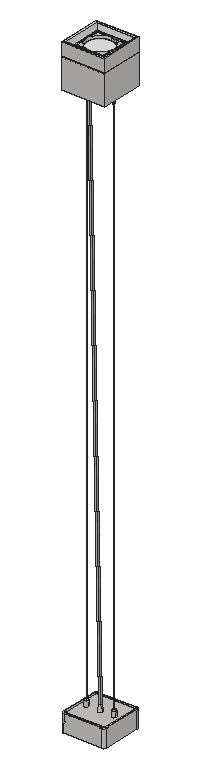
Revit family "CLighting-Luminii-Leto_44_Plus_P_SML", category Lighting Fixtures, host Face, Revit 2020
Family settings
  Host = Face
  Round Connector Dimension = Use Diameter
  Part Type = Normal
  OmniClass Number = 23.80.70.11.14.21
  OmniClass Title = Spots and Tracklight Specialties
  Cut with Voids When Loaded = No
  Light Source = Yes
  Shared = Yes
  Room Calculation Point = No
Parameters (values of type "Leto 44 Plus P SML")
  Width = 0' - 5 73/128"  # constant formula
  Wattage Comments = "6.5W"
  Wattage = 6.49954 W
  Warranty URL = "https://www.luminii.com/terms-conditions/"
  built-in parameter 1150110 = 1 (stored number, unit not read)
  Voltage Comments = "120V | 277V | 347V"  # constant formula
  Voltage = 120 V
  Version = "2020 - v1.0a"  # constant formula
  URL = "https://www.luminii.com/"
  built-in parameter 1114217 = 1 (stored number, unit not read)
  Tilt Angle = -90.00°  # constant formula
  built-in parameter 1150109 = 1 (stored number, unit not read)
  built-in parameter 1150134 = (empty or 0)
  built-in parameter 1150113 = 1 (stored number, unit not read)
  Support Phone = "224-699-9545"  # constant formula
  Support Email = "mailto:support@bimsmith.com"
  Product Page URL = "https://www.luminii.com/product/leto-44-plus-p-sml/"
  Power Source Type = "Driver"  # constant formula
  Power Factor = 1
  Photometric Web File = "709-WD-660-30-30-00.ies"
  Phase = 1
  Operating Temperature = "Consult Manufacturer Website for more Information"  # constant formula
  Number of Poles = if(and(or(Voltage = 120 V, Voltage = 277 V), Phase = 1), 1, if(and(or(Voltage = 208 V, Voltage = 240 V), Phase = 1), 2, if(and(or(Voltage = 208 V, Voltage = 240 V), Phase = 3), 3, if(and(Voltage > 300 V, Phase = 1), 2, if(and(Voltage > 400 V, Phase = 3), 3, 1)))))  # 1
  Mounting Method = "Ceiling Mount"  # constant formula
  Model = "709"  # constant formula
  Manufacturer Phone Number = "403-216-7043"  # constant formula
  Manufacturer Email = "mailto: info@sensolighting.com"
  Manufacturer Address = "302 50 Ave SE. Calgary, Alberta, T2G 2A9 Canada"  # constant formula
  Manufacturer = "Luminii"  # constant formula
  built-in parameter 1150105 = 55.704 (stored number, unit not read)
  Lumens = 700 lm
  Luminaire Type = "Pendant LED Downlight"  # constant formula
  built-in parameter 1150115 = 1 (stored number, unit not read)
  Load Classification = Lighting
  built-in parameter 1150137 = (empty or 0)
  built-in parameter 1150139 = (empty or 0)
  Lens Material = Plastic - Luminii - Frosted Lens
  Length [instance] = 0' - 5 73/128"  # constant formula
  built-in parameter 1150112 = 1 (stored number, unit not read)
  built-in parameter 1150114 = 1 (stored number, unit not read)
  Lamp Life = 1
  Lamp = "LED"  # constant formula
  Keynote = "26 50 00"
  built-in parameter 1150132 = 2
  built-in parameter 1150102 = (empty or 0)
  built-in parameter 1150107 = 3500 (stored number, unit not read)
  Initial Color Comments = "Perfomance based on 3500K Photometric Web File"  # constant formula
  built-in parameter 1150138 = (empty or 0)
  built-in parameter 1150106 = 0.55704 (stored number, unit not read)
  Housing Protection Rating = "Consult Manufacturer Website for more Information"  # constant formula
  Has Dimming = 1 = 1  # yes
  Has Battery Backup = 0 = 1  # no
  Frequency Comments = ""  # constant formula
  Frequency = 60 Hz
  Finish = Metal - Luminii - Silver Anodized Aluminum
  Environment = "Indoor"  # constant formula
  built-in parameter 1150104 = 10.006 (stored number, unit not read)
  Dimming Type = "Consult Manufacturer Website for more Information"  # constant formula
  Dimming Lamp Color Temperature Shift = <None>
  Description = "High power cube pendant"  # constant formula
  Depth = 0' - 5 73/128"  # constant formula
  Default Elevation = 0' - 0"  # constant formula
  Current Amps = 50 A
  Copyright = "©2023 Luminii"  # constant formula
  Control Zone = "Consult Manufacturer Website for more Information"  # constant formula
  Control Type = "Consult Manufacturer Website for more Information"  # constant formula
  Constraints = 1  # constant formula
  Color Filter = 16777215
  built-in parameter 1114216 [instance] = 0  # (empty or 0)
  Canopy Finish = Metal - Luminii - Silver Anodized Aluminum
  built-in parameter 1140040 [instance] = 1 = 1  # 1
  CCT = "3500K"
  C Canopy Offset [instance] = 0' - 2 9/32"  # constant formula
  Desired Cable Length [instance] = 6' - 0"  # constant formula
  built-in parameter 1114218 = 1 (stored number, unit not read)
  built-in parameter 1150133 = 10 (stored number, unit not read)
  Assembly Code = "D5020230"
  Apparent Load = Wattage / Power Factor  # 6.49954 VA
  Actual Cable Length [instance] = if(Desired Cable Length < 1' 0", 1' 0", if(Desired Cable Length > 8' 0", 8' 0", Desired Cable Length))  # 6' - 0"
Reference planes (in)
  plane 1 "Center (Front/Back)": y = 0
  plane 2: z = 0
  plane 3 "Center (Left/Right)": x = 0
  plane 4: x = 0
  plane 5: x = 0
  plane 6: y = 3.70117
  plane 7: y = -1.86914
  plane 8 "B": z = 2.28125
  plane 9 "A": z = 74.28125
  plane 10: z = 79.85156
Forms (in)
  Extrusion 1, solid, material "Metal - Luminii - Silver Anodized Aluminum", not visible
    sketch origin (0, 0, 0) x (1, 0, 0) y (0, 1, 0)
      loop
        circle (0, 0) r 0.5
    from 0 to -0.17225
  Blend 2, solid, material "Metal - Luminii - Silver Anodized Aluminum"
    base sketch origin (0, 0, 2.99287) x (-1, 0, 0) y (0, -1, 0)
      loop
        circle (0, 0) r 0.115
    top sketch origin (0, 0, 2.99287) x (-1, 0, 0) y (0, -1, 0)
      loop
        circle (0, 1.77184) r 0.115
    from 0 to 70.91436
Dimensions and locks (in)
  equal spacing: plane 4, plane 3 "Center (Left/Right)", plane 5
  plane 6 to plane 1 "Center (Front/Back)" to plane 7 = 0' - 3.70117", 0' - 1.86914"
  plane 4 to plane 5 = 0' - 0"
  "Width": plane 6 to plane 7
  "C Canopy Offset": plane 8 "B" to host face
  "Actual Cable Length": plane 9 "A" to plane 8 "B"
  "Length": plane 10 to plane 9 "A"
  locked: plane 10 to imposter light at 0.89373
  aligned and locked: plane 2 to host face
  aligned and locked: plane 3 "Center (Left/Right)" to Extrusion 1 sketch curve
  aligned and locked: plane 1 "Center (Front/Back)" to Extrusion 1 sketch curve
  aligned and locked: plane 2 to Extrusion 1  (x2)
  aligned and locked: imposter light to plane 3 "Center (Left/Right)"
  aligned and locked: imposter light to plane 1 "Center (Front/Back)"
  aligned and locked: plane 3 "Center (Left/Right)" to nested 1
  aligned and locked: plane 1 "Center (Front/Back)" to nested 1
  aligned and locked: plane 3 "Center (Left/Right)" to nested 2
  aligned and locked: nested 2 to plane 1 "Center (Front/Back)"
  aligned and locked: Blend 2 to nested 1
Automatic sketch dimensions
  host sketch curve to host sketch curve = 8' - 0"  (x2)
  Blend 2 sketch curve to nested 2 = 0' - 1.77184"
  radius of Extrusion 1 sketch curve = 0' - 0 1/2"
  radius of Blend 2 sketch curve = 0' - 0.115"
Nested families (in)
  nested 1: "Nested - Lamp" at (0, 0, 74.28125), type "Nested - Lamp"
  nested 2: "Nested - Canopy" at (0, 0, 0) x (0, 1, 0) z (0, 0, 1), type "Default"
Connectors (in)
  electrical at (0, 0, 0), driven by "Number of Poles", driven by "Load Classification", driven by "Voltage", driven by "Apparent Load", driven by "Power Factor"
    settings: on Extrusion 1, index 1, voltage 120 V, apparent load 6.49954 VA, apparent load phase1 0 VA, apparent load phase2 0 VA, apparent load phase3 0 VA, power factor 1, load classification "Lighting", number of poles 1, system type 30, power factor state 1, is connector primary yes, connector utility no, sub classification motor no, connector description "Power Connection"
Definition of nested family "Nested - Lamp"
  Parameters (values of type "Nested - Lamp")
    Width = 0' - 5.57087"  # constant formula
    Screen Material = none
    Inner Screen = none
    Height = 0' - 6.49606"  # constant formula
    Finish = none
    Default Elevation = 4' - 0"
    Constraint = 3
  Reference planes (in)
    plane 1 "Center (Front/Back)": y = 0
    plane 2: z = 0
    plane 3 "Center (Left/Right)": x = 0
    plane 4: y = 2.78543
    plane 5: y = -2.78543
    plane 6: x = -2.78543
    plane 7: x = 2.78543
  Forms (in)
    Extrusion 1, solid
      sketch origin (0, 0, 0) x (1, 0, 0) y (0, 1, 0)
        loop
          line (-48, 48) -> (-48, -48) -> (48, -48) -> (48, 48) -> (-48, 48)
      from 0 to -12
    Sweep 2, solid, material <- "Finish", detail levels medium+fine
      path origin (-0.03362, 1.25, 6.49606) x (0, 1, 0) y (-1, 0, 0)
        loop
          line (1.53543, -2.81906) -> (1.53543, 2.75181) -> (-4.03543, 2.75181) -> (-4.03543, -2.81906) -> (1.53543, -2.81906)
      profile origin (2.78543, 0, 6.49606) x (1, 0, 0) y (0, 0, 1)
        loop
          line (0, -6.49606) -> (0, -2.69685) -> (-0.04724, -2.69685) -> (-0.04724, -2.57874) -> (0, -2.57874) -> (0, -0.9252) -> (-0.10635, -0.9252) -> (-0.30013, -0.99573) -> (-0.62144, -1.55512) -> (-0.71063, -1.55512) -> (-0.7348, -1.83138)
          arc (-0.7348, -1.83138) -> (-0.77582, -1.8724) -> (-0.81683, -1.83138) r 0.04102
          line (-0.81683, -1.83138) -> (-0.87226, -1.43701) -> (-0.99999, -1.43701) -> (-0.99999, -2.05919) -> (-0.21654, -2.05919) -> (-0.21654, -6.29921) -> (-0.07874, -6.29921) -> (-0.07874, -6.49606) -> (0, -6.49606)
    Extrusion 3, solid, material <- "Screen Material"
      sketch origin (0, 0, 4.51901) x (1, 0, 0) y (0, 1, 0)
        loop
          circle (0, 0) r 1.68742
      from 0.14567 to 0.15757
    Extrusion 4, solid, material <- "Finish"
      sketch origin (1.59205, 1.59205, 3.63189) x (0, -1, 0) y (1, 0, 0)
        loop
          circle (1.59205, -1.59205) r 1.73767
        loop
          line (-0.19339, -3.37749) -> (3.37749, -3.37749) -> (3.37749, 0.19339) -> (-0.19339, 0.19339) -> (-0.19339, -3.37749)
      from 1.03279 to 1.42717
    Extrusion 5, solid, material <- "Finish"
      sketch origin (1.59205, 1.59205, 5.14697) x (0, -1, 0) y (1, 0, 0)
        loop
          circle (1.59205, -1.59205) r 1.73767
      from -0.48228 to -0.62795
    Extrusion 6, solid, material <- "Finish"
      sketch origin (-0.03362, 1.25, 8.28705) x (0, 1, 0) y (-1, 0, 0)
        loop
          line (-3.97638, -2.76) -> (1.47638, -2.76) -> (1.47638, 2.69275) -> (-3.97638, 2.69275) -> (-3.97638, -2.76)
        loop
          line (-3.02788, -0.34859) -> (-1.87992, -0.34859)
          arc (-1.87992, -0.34859) -> (-1.65721, -0.44084) -> (-1.56496, -0.66355) r 0.31496
          line (-1.56496, -0.66355) -> (-1.56496, -1.80493)
          arc (-1.56496, -1.80493) -> (-1.25, -2.11989) -> (-0.93504, -1.80493) r 0.31496
          line (-0.93504, -1.80493) -> (-0.93504, -0.66355)
          arc (-0.93504, -0.66355) -> (-0.84279, -0.44084) -> (-0.62008, -0.34859) r 0.31496
          line (-0.62008, -0.34859) -> (0.5213, -0.34859)
          arc (0.5213, -0.34859) -> (0.83626, -0.03362) -> (0.5213, 0.28134) r 0.31496
          line (0.5213, 0.28134) -> (-0.62008, 0.28134)
          arc (-0.62008, 0.28134) -> (-0.84279, 0.37359) -> (-0.93504, 0.5963) r 0.31496
          line (-0.93504, 0.5963) -> (-0.93504, 1.74425)
          arc (-0.93504, 1.74425) -> (-1.25, 2.05921) -> (-1.56496, 1.74425) r 0.31496
          line (-1.56496, 1.74425) -> (-1.56496, 0.5963)
          arc (-1.56496, 0.5963) -> (-1.65721, 0.37359) -> (-1.87992, 0.28134) r 0.31496
          line (-1.87992, 0.28134) -> (-3.02788, 0.28134)
          arc (-3.02788, 0.28134) -> (-3.34284, -0.03362) -> (-3.02788, -0.34859) r 0.31496
      from -8.1649 to -8.0902
    Extrusion 7, solid, material <- "Finish"
      sketch origin (-0.03362, 1.25, 8.28705) x (0, 1, 0) y (-1, 0, 0)
        loop
          line (-3.97638, -2.76) -> (1.47638, -2.76) -> (1.47638, 2.69275) -> (-3.97638, 2.69275) -> (-3.97638, -2.76)
        loop
          arc (-2.46239, 0.53411) -> (-2.58874, -0.03362) -> (-2.46239, -0.60136) r 1.33874
          arc (-2.46239, -0.60136) -> (-2.3038, -0.65359) -> (-2.2511, -0.49516) r 0.11824
          arc (-2.2511, -0.49516) -> (-2.35236, -0.03034) -> (-2.24833, 0.43387) r 1.10236
          arc (-2.24833, 0.43387) -> (-2.30676, 0.58778) -> (-2.46239, 0.53411) r 0.11824
        loop
          arc (-0.03761, 0.53411) -> (-0.19324, 0.58778) -> (-0.25167, 0.43387) r 0.11824
          arc (-0.25167, 0.43387) -> (-0.14764, -0.03034) -> (-0.2489, -0.49516) r 1.10236
          arc (-0.2489, -0.49516) -> (-0.1962, -0.65359) -> (-0.03761, -0.60136) r 0.11824
          arc (-0.03761, -0.60136) -> (0.08874, -0.03362) -> (-0.03761, 0.53411) r 1.33874
        loop
          arc (-0.68227, -1.24602) -> (-0.6286, -1.09038) -> (-0.78251, -1.03195) r 0.11824
          arc (-0.78251, -1.03195) -> (-1.24671, -1.13598) -> (-1.71153, -1.03472) r 1.10236
          arc (-1.71153, -1.03472) -> (-1.86997, -1.08742) -> (-1.81773, -1.24602) r 0.11824
          arc (-1.81773, -1.24602) -> (-1.25, -1.37236) -> (-0.68227, -1.24602) r 1.33874
        loop
          arc (-0.68227, 1.17877) -> (-1.25, 1.30511) -> (-1.81773, 1.17877) r 1.33874
          arc (-1.81773, 1.17877) -> (-1.86997, 1.02017) -> (-1.71153, 0.96747) r 0.11824
          arc (-1.71153, 0.96747) -> (-1.24671, 1.06873) -> (-0.78251, 0.9647) r 1.10236
          arc (-0.78251, 0.9647) -> (-0.6286, 1.02313) -> (-0.68227, 1.17877) r 0.11824
      from -7.81461 to -7.75481
    Revolve 8, solid
      sketch origin (0.31496, 0, -0.03937) x (1, 0, 0) y (0, 0, 1)
        loop
          line (-2.08661, -1.14219) -> (-1.97806, -1.14219) -> (-1.97806, -0.70819) -> (-1.88961, -0.70819) -> (-1.88961, 0.51181) -> (-2.08661, 0.51181) -> (-2.08661, -1.14219)
        axis (-2.08661, -1.14219) -> (-2.08661, 0.51181)
      angle from 0 to 360
    Revolve 9, solid
      sketch origin (-0.31496, 0, -0.03937) x (-1, 0, 0) y (0, 0, 1)
        loop
          line (-2.08661, -1.14219) -> (-1.97806, -1.14219) -> (-1.97806, -0.70819) -> (-1.88961, -0.70819) -> (-1.88961, 0.51181) -> (-2.08661, 0.51181) -> (-2.08661, -1.14219)
        axis (-2.08661, -1.14219) -> (-2.08661, 0.51181)
      angle from 0 to 360
    Sweep 10, solid, material <- "Finish", detail levels coarse
      path origin (-0.03362, 1.25, 6.49606) x (0, 1, 0) y (-1, 0, 0)
        loop
          line (1.53543, -2.81906) -> (1.53543, 2.75181) -> (-4.03543, 2.75181) -> (-4.03543, -2.81906) -> (1.53543, -2.81906)
      profile origin (2.78543, 0, 6.49606) x (1, 0, 0) y (0, 0, 1)
        loop
          line (0, -6.49606) -> (0, -0.9252) -> (-0.10635, -0.9252) -> (-0.30013, -0.99573) -> (-0.5536, -1.43701) -> (-0.99999, -1.43701) -> (-0.99999, -2.05919) -> (-0.21654, -2.05919) -> (-0.21654, -6.29921) -> (-0.07874, -6.29921) -> (-0.07874, -6.49606) -> (0, -6.49606)
    Extrusion 11, solid
      sketch origin (-0.03362, 1.25, 0.47244) x (-1, 0, 0) y (0, 1, 0)
        loop
          circle (-0.94898, 0.84646) r 0.23
      from 0 to 0.05
    Revolve 12, solid
      sketch origin (0, 0, 0) x (0, 1, 0) y (0, 0, 1)
        loop
          line (-1.77184, -0.37402) -> (-1.77184, 0.47244) -> (-2.06417, 0.47244) -> (-2.06417, 0.35445) -> (-1.94879, -0.37402) -> (-1.77184, -0.37402)
        axis (-1.77184, 0.47244) -> (-1.77184, -0.37402)
      angle from 0 to 360
  Dimensions and locks (in)
    equal spacing: plane 4, plane 1 "Center (Front/Back)", plane 5
    "Width": plane 4 to plane 5
    equal spacing: plane 6, plane 3 "Center (Left/Right)", plane 7
    "Width": plane 6 to plane 7
    aligned and locked: plane 2 to Extrusion 1
    aligned and locked: level to Extrusion 1
    aligned and locked: Sweep 2 sketch curve to plane 7
    aligned and locked: Sweep 2 sketch curve to plane 6
    aligned and locked: Sweep 2 sketch curve to plane 4
    aligned and locked: Sweep 2 sketch curve to plane 5
  Automatic sketch dimensions
    Extrusion 1 sketch curve to Extrusion 1 sketch curve = 8' - 0"  (x2)
    Revolve 8 sketch curve to plane 6 = 0' - 1.01378"
    Revolve 8 sketch curve to Revolve 8 sketch curve = 0' - 0.10856"
    Revolve 8 sketch curve to Revolve 8 sketch curve = 0' - 0.197"
    Revolve 8 sketch curve to level = 0' - 1.18156"
    Revolve 8 sketch curve to Revolve 8 sketch curve = 0' - 0.434"
    level to Revolve 8 sketch curve = 0' - 0.47244"
    Revolve 8 sketch curve to Revolve 8 sketch curve = 0' - 0"  (x2)
    Revolve 8 sketch curve to Revolve 8 sketch curve = 0' - 0.81454"
    plane 7 to Revolve 9 sketch curve = 0' - 1.01378"
    Revolve 9 sketch curve to Revolve 9 sketch curve = 0' - 0.10856"
    Revolve 9 sketch curve to Revolve 9 sketch curve = 0' - 0.197"
    level to Revolve 9 sketch curve = 0' - 1.18156"
    Revolve 9 sketch curve to Revolve 9 sketch curve = 0' - 0.434"
    Revolve 9 sketch curve to level = 0' - 0.47244"
    Revolve 9 sketch curve to Revolve 9 sketch curve = 0' - 0"  (x2)
    Revolve 9 sketch curve to Revolve 9 sketch curve = 0' - 0.81454"
    plane 5 to Sweep 10 sketch curve = 0' - 0"
    Sweep 10 sketch curve to plane 4 = 0' - 0"
    Sweep 10 sketch curve to plane 7 = 0' - 0"
    Sweep 10 sketch curve to plane 6 = 0' - 0"
    Extrusion 7 to Extrusion 11 sketch curve = 0' - 0.62992"
    Extrusion 7 to Extrusion 11 sketch curve = 0' - 1.81102"
    profile plane to Sweep 2 sketch curve = 0' - 0"  (x2)
    profile plane to Sweep 2 sketch curve = 0' - 0.04724"
    profile plane to Sweep 2 sketch curve = 0' - 0.07874"
    profile plane to Sweep 2 sketch curve = 0' - 0.10635"
    profile plane to Sweep 2 sketch curve = 0' - 0.21654"
    Sweep 2 sketch curve to Sweep 2 sketch curve = 0' - 0.19378"
    profile plane to Sweep 2 sketch curve = 0' - 0.62144"
    Sweep 2 sketch curve to Sweep 2 sketch curve = 0' - 0.08919"
    Sweep 2 sketch curve to Sweep 2 sketch curve = 0' - 0.02417"
    Sweep 2 sketch curve to Sweep 2 sketch curve = 0' - 0.04102"
    Sweep 2 sketch curve to Sweep 2 sketch curve = 0' - 0.16163"
    Sweep 2 sketch curve to Sweep 2 sketch curve = 0' - 0.12773"
    Sweep 2 sketch curve to profile plane = 0' - 6.49606"
    Sweep 2 sketch curve to Sweep 2 sketch curve = 0' - 0.19685"
    Sweep 2 sketch curve to profile plane = 0' - 2.69685"
    Sweep 2 sketch curve to Sweep 2 sketch curve = 0' - 0.11811"  (x2)
    Sweep 2 sketch curve to Sweep 2 sketch curve = 0' - 0 133/256"
    Sweep 2 sketch curve to Sweep 2 sketch curve = 0' - 0.22781"
    Sweep 2 sketch curve to Sweep 2 sketch curve = 0' - 0.27626"
    Sweep 2 sketch curve to Sweep 2 sketch curve = 0' - 0.55939"
    Sweep 2 sketch curve to Sweep 2 sketch curve = 0' - 0.07053"
    profile plane to Sweep 10 sketch curve = 0' - 0"
    profile plane to Sweep 10 sketch curve = 0' - 0.07874"
    Sweep 10 sketch curve to Sweep 10 sketch curve = 0' - 0.10635"
    Sweep 10 sketch curve to Sweep 10 sketch curve = 0' - 0.1378"
    Sweep 10 sketch curve to Sweep 10 sketch curve = 0' - 0.19378"
    Sweep 10 sketch curve to Sweep 10 sketch curve = 0' - 0.25347"
    Sweep 10 sketch curve to Sweep 10 sketch curve = 0' - 0.44639"
    Sweep 10 sketch curve to profile plane = 0' - 6.49606"
    Sweep 10 sketch curve to Sweep 10 sketch curve = 0' - 0.19685"
    Sweep 10 sketch curve to profile plane = 0' - 2.05919"
    Sweep 10 sketch curve to Sweep 10 sketch curve = 0' - 0.62218"
    Sweep 10 sketch curve to Sweep 10 sketch curve = 0' - 0.44128"
    Sweep 10 sketch curve to Sweep 10 sketch curve = 0' - 0.07053"
    plane 1 "Center (Front/Back)" to Extrusion 4 sketch curve = 0' - 0"
    Extrusion 4 sketch curve to plane 3 "Center (Left/Right)" = 0' - 0"
    Extrusion 4 sketch curve to plane 4 = 0' - 1"
    Extrusion 4 sketch curve to plane 5 = 0' - 1"
    Extrusion 4 sketch curve to plane 6 = 0' - 1"
    Extrusion 4 sketch curve to plane 7 = 0' - 1"
    plane 1 "Center (Front/Back)" to Extrusion 3 sketch curve = 0' - 0"
    Extrusion 3 sketch curve to plane 3 "Center (Left/Right)" = 0' - 0"
    Revolve 12 sketch curve to plane 5 = 0' - 0.72126"
    Revolve 12 sketch curve to level = 0' - 0.37402"
    Revolve 12 sketch curve to Revolve 12 sketch curve = 0' - 0.11538"
    Revolve 12 sketch curve to Revolve 12 sketch curve = 0' - 0.17695"
    level to Revolve 12 sketch curve = 0' - 0.35445"
    Revolve 12 sketch curve to Revolve 12 sketch curve = 0' - 0.11799"
    Revolve 12 sketch curve to Revolve 12 sketch curve = 0' - 0"  (x2)
    Revolve 12 sketch curve to Revolve 12 sketch curve = 0' - 0.17809"
    Extrusion 7 sketch curve to Extrusion 7 sketch curve = 0' - 0"  (x56)
    plane 1 "Center (Front/Back)" to Extrusion 7 sketch curve = 0' - 0"
    Extrusion 7 sketch curve to plane 3 "Center (Left/Right)" = 0' - 0"
    plane 1 "Center (Front/Back)" to Extrusion 7 sketch curve = 0' - 0.51432"  (x2)
    Extrusion 7 sketch curve to plane 3 "Center (Left/Right)" = 0' - 0.51432"  (x2)
    Extrusion 7 sketch curve to Extrusion 7 sketch curve = 0' - 0.59258"  (x8)
    plane 3 "Center (Left/Right)" to Extrusion 7 sketch curve = 0' - 0.51432"  (x2)
    Extrusion 7 sketch curve to plane 5 = 0' - 0.05906"
    Extrusion 7 sketch curve to plane 1 "Center (Front/Back)" = 0' - 0.51432"  (x2)
    Extrusion 7 sketch curve to plane 4 = 0' - 0.05906"
    Extrusion 7 sketch curve to plane 7 = 0' - 0.05906"
    Extrusion 7 sketch curve to plane 6 = 0' - 0.05906"
    Extrusion 7 sketch curve to Extrusion 7 sketch curve = 0' - 0.05279"  (x2)
    Extrusion 7 sketch curve to Extrusion 7 sketch curve = 0' - 0.05342"  (x4)
    Extrusion 7 sketch curve to Extrusion 7 sketch curve = 0' - 0.10858"  (x2)
    Extrusion 7 sketch curve to Extrusion 7 sketch curve = 0' - 0.10581"  (x2)
    Extrusion 7 sketch curve to Extrusion 7 sketch curve = 0' - 0.10549"  (x4)
    Extrusion 7 sketch curve to Extrusion 7 sketch curve = 0' - 0.04683"  (x2)
    Extrusion 6 sketch curve to plane 3 "Center (Left/Right)" = 0' - 0"  (x2)
    plane 1 "Center (Front/Back)" to Extrusion 6 sketch curve = 0' - 0"  (x2)
    plane 1 "Center (Front/Back)" to Extrusion 6 sketch curve = 0' - 0.31496"
    Extrusion 6 sketch curve to Extrusion 6 sketch curve = 0' - 0.31496"  (x4)
    Extrusion 6 sketch curve to Extrusion 6 sketch curve = 0' - 1.14796"
    Extrusion 6 sketch curve to plane 5 = 0' - 0.05906"
    Extrusion 6 sketch curve to plane 1 "Center (Front/Back)" = 0' - 0.31496"
    Extrusion 6 sketch curve to Extrusion 6 sketch curve = 0' - 1.14138"  (x2)
    Extrusion 6 sketch curve to plane 4 = 0' - 0.05906"
    plane 3 "Center (Left/Right)" to Extrusion 6 sketch curve = 0' - 0.31496"  (x2)
    Extrusion 6 sketch curve to plane 7 = 0' - 0.05906"
    Extrusion 6 sketch curve to plane 6 = 0' - 1.00756"
    Extrusion 6 sketch curve to plane 6 = 0' - 0.05906"
    radius of Extrusion 11 sketch curve = 0' - 0.23"
    radius of Extrusion 4 sketch curve = 0' - 1.73767"
    radius of Extrusion 3 sketch curve = 0' - 1.68742"
Definition of nested family "Nested - Canopy"
  Parameters (values of type "Default")
    Square Canopy = no
    Round Canopy = yes
    Finish = none
    Feed Cable = 0' - 0.23"  # constant formula
    Default Elevation = 0' - 0"
    Cable Length = 6' - 0"
    Base = 0' - 5.67117"
    Aircraft Cable = 0' - 0.05"  # constant formula
  Reference planes (in)
    plane 1 "Center (Front/Back)": y = 0
    plane 2: z = 0
    plane 3 "Center (Left/Right)": x = 0
    plane 4: z = 74.28346
    plane 5: z = 2.28346
    plane 6: x = 2.83559
    plane 7: x = -2.83559
    plane 8: y = -2.83559
    plane 9: y = 2.83559
  Forms (in)
    Sweep 1, solid, material <- "Finish", detail levels medium+fine
      path origin (0, 0, 0) x (1, 0, 0) y (0, 1, 0)
        loop
          arc (-2.41835, 2.83559) -> (-2.71338, 2.71338) -> (-2.83559, 2.41835) r 0.41723
          line (-2.83559, 2.41835) -> (-2.83559, -2.41878)
          arc (-2.83559, -2.41878) -> (-2.71351, -2.71351) -> (-2.41878, -2.83559) r 0.4168
          line (-2.41878, -2.83559) -> (2.41578, -2.83559)
          arc (2.41578, -2.83559) -> (2.71263, -2.71263) -> (2.83559, -2.41578) r 0.41981
          line (2.83559, -2.41578) -> (2.83559, 2.41269)
          arc (2.83559, 2.41269) -> (2.71172, 2.71172) -> (2.41269, 2.83559) r 0.42289
          line (2.41269, 2.83559) -> (-2.41835, 2.83559)
      profile origin (-0.00283, 2.83559, 0) x (0, 1, 0) y (0, 0, 1)
        loop
          line (0, 0) -> (-0.07854, 2.24916)
          arc (-0.07854, 2.24916) -> (-0.08859, 2.27342) -> (-0.11284, 2.28346) r 0.0343
          line (-0.11284, 2.28346) -> (-0.22278, 2.28346) -> (-0.22278, 0) -> (0, 0)
    Extrusion 2, solid, material <- "Finish", detail levels medium+fine
      sketch origin (0, 0, 0) x (1, 0, 0) y (0, 1, 0)
        loop
          arc (-2.41835, 2.6128) -> (-2.55585, 2.55585) -> (-2.6128, 2.41835) r 0.19445
          line (-2.6128, 2.41835) -> (-2.6128, -2.41878)
          arc (-2.6128, -2.41878) -> (-2.55597, -2.55597) -> (-2.41878, -2.6128) r 0.19402
          line (-2.41878, -2.6128) -> (2.41578, -2.6128)
          arc (2.41578, -2.6128) -> (2.55509, -2.55509) -> (2.6128, -2.41578) r 0.19702
          line (2.6128, -2.41578) -> (2.6128, 2.41269)
          arc (2.6128, 2.41269) -> (2.55419, 2.55419) -> (2.41269, 2.6128) r 0.20011
          line (2.41269, 2.6128) -> (-2.41835, 2.6128)
      from 0 to 2.20472
    Revolve 3, solid, detail levels medium+fine
      sketch origin (0, 0, 0) x (0, 1, 0) y (0, 0, 1)
        loop
          line (2.02756, 2.20472) -> (2.02756, 2.80697) -> (1.93924, 2.80697) -> (1.93924, 3.00382) -> (1.77165, 3.00382) -> (1.77165, 2.20472) -> (2.02756, 2.20472)
        axis (1.77165, 2.20472) -> (1.77165, 3.00382)
      angle from 0 to 360
    Revolve 4, solid, detail levels medium+fine
      sketch origin (0, 0, 0) x (0, -1, 0) y (0, 0, 1)
        loop
          line (2.02756, 2.20472) -> (2.02756, 2.80697) -> (1.93924, 2.80697) -> (1.93924, 3.00382) -> (1.77165, 3.00382) -> (1.77165, 2.20472) -> (2.02756, 2.20472)
        axis (1.77165, 2.20472) -> (1.77165, 3.00382)
      angle from 0 to 360
    Revolve 5, solid, detail levels medium+fine
      sketch origin (0, 0, 0) x (0, 1, 0) y (0, 0, 1)
        loop
          line (0, 2.99287) -> (0, 2.20472) -> (0.29574, 2.20472) -> (0.17677, 2.99287) -> (0, 2.99287)
        axis (0, 2.99287) -> (0, 2.20472)
      angle from 0 to 360
    Extrusion 6, solid, material <- "Finish", detail levels coarse
      sketch origin (0, 0, 0) x (1, 0, 0) y (0, 1, 0)
        loop
          line (-2.83559, 2.83559) -> (-2.83559, -2.83559) -> (2.83559, -2.83559) -> (2.83559, 2.83559) -> (-2.83559, 2.83559)
      from 0 to 2.28346
    Revolve 7, solid, detail levels coarse
      sketch origin (0, 0, 0) x (0, 1, 0) y (0, 0, 1)
        loop
          line (2.02756, 2.28346) -> (2.02756, 2.80697) -> (1.93924, 2.80697) -> (1.93924, 3.00382) -> (1.77165, 3.00382) -> (1.77165, 2.28346) -> (2.02756, 2.28346)
        axis (1.77165, 2.28346) -> (1.77165, 3.00382)
      angle from 0 to 360
    Revolve 8, solid, detail levels coarse
      sketch origin (0, 0, 0) x (0, -1, 0) y (0, 0, 1)
        loop
          line (2.02756, 2.28346) -> (2.02756, 2.80697) -> (1.93924, 2.80697) -> (1.93924, 3.00382) -> (1.77165, 3.00382) -> (1.77165, 2.28346) -> (2.02756, 2.28346)
        axis (1.77165, 2.28346) -> (1.77165, 3.00382)
      angle from 0 to 360
    Revolve 9, solid, detail levels coarse
      sketch origin (0, 0, 0) x (0, 1, 0) y (0, 0, 1)
        loop
          line (0, 2.99287) -> (0, 2.28346) -> (0.28386, 2.28346) -> (0.17677, 2.99287) -> (0, 2.99287)
        axis (0, 2.99287) -> (0, 2.28346)
      angle from 0 to 360
    Extrusion 10, solid
      sketch origin (0, 0, 0) x (1, 0, 0) y (0, 1, 0)
        loop
          circle (0, 1.77165) r 0.025
        loop
          circle (0, -1.77165) r 0.025
      from 3.00382 to 74.28346
  Dimensions and locks (in)
    "Cable Length": plane 5 to plane 4
    equal spacing: plane 7, plane 3 "Center (Left/Right)", plane 6
    equal spacing: plane 9, plane 1 "Center (Front/Back)", plane 8
    "Base": plane 9 to plane 8
    "Base": plane 7 to plane 6
    aligned and locked: plane 2 to level
    aligned and locked: Sweep 1 sketch curve to plane 9
    aligned and locked: Sweep 1 sketch curve to plane 7
    aligned and locked: Sweep 1 sketch curve to plane 8
    aligned and locked: Sweep 1 sketch curve to plane 6
    aligned and locked: Extrusion 6 sketch curve to plane 9
    aligned and locked: Extrusion 6 sketch curve to plane 7
    aligned and locked: Extrusion 6 sketch curve to plane 8
    aligned and locked: Extrusion 6 sketch curve to plane 6
    aligned and locked: Extrusion 10 to Revolve 3
    aligned and locked: plane 4 to Extrusion 10
  Automatic sketch dimensions
    Sweep 1 sketch curve to plane 7 = 0' - 0.4168"
    Sweep 1 sketch curve to plane 7 = 0' - 0.41723"
    Sweep 1 sketch curve to Sweep 1 sketch curve = 0' - 0.42289"
    Sweep 1 sketch curve to plane 6 = 0' - 0.41981"
    Sweep 1 sketch curve to level = 0' - 0"
    Sweep 1 sketch curve to profile plane = 0' - 0"
    profile plane to Sweep 1 sketch curve = 0' - 0.07854"
    Sweep 1 sketch curve to Sweep 1 sketch curve = 0' - 0.0343"
    profile plane to Sweep 1 sketch curve = 0' - 0.22278"
    level to Sweep 1 sketch curve = 0' - 2.24916"
    Extrusion 2 sketch curve to plane 7 = 0' - 0.22278"
    Extrusion 2 sketch curve to plane 8 = 0' - 0.22278"
    Extrusion 2 sketch curve to Extrusion 2 sketch curve = 0' - 0.19402"
    Extrusion 2 sketch curve to plane 9 = 0' - 0.22278"
    Extrusion 2 sketch curve to Extrusion 2 sketch curve = 0' - 0.19445"
    Extrusion 2 sketch curve to plane 6 = 0' - 0.42289"
    Extrusion 2 sketch curve to plane 6 = 0' - 0.41981"
    Extrusion 2 sketch curve to Extrusion 2 sketch curve = 0' - 0.19702"
    plane 5 to Revolve 3 sketch curve = 0' - 0.07874"
    Revolve 3 sketch curve to plane 9 = 0' - 1.06393"
    Revolve 3 sketch curve to Revolve 3 sketch curve = 0' - 0.16759"
    Revolve 3 sketch curve to Revolve 3 sketch curve = 0' - 0.08831"
    Revolve 3 sketch curve to plane 5 = 0' - 0.5235"
    Revolve 3 sketch curve to Revolve 3 sketch curve = 0' - 0.19685"
    Revolve 3 sketch curve to Revolve 3 sketch curve = 0' - 0"  (x2)
    Revolve 3 sketch curve to Revolve 3 sketch curve = 0' - 0.11398"
    Revolve 4 sketch curve to plane 5 = 0' - 0.07874"
    plane 8 to Revolve 4 sketch curve = 0' - 1.06393"
    Revolve 4 sketch curve to Revolve 4 sketch curve = 0' - 0.16759"
    Revolve 4 sketch curve to Revolve 4 sketch curve = 0' - 0.08831"
    plane 5 to Revolve 4 sketch curve = 0' - 0.5235"
    Revolve 4 sketch curve to Revolve 4 sketch curve = 0' - 0.19685"
    Revolve 4 sketch curve to Revolve 4 sketch curve = 0' - 0"  (x2)
    Revolve 4 sketch curve to Revolve 4 sketch curve = 0' - 0.11398"
    Revolve 5 sketch curve to plane 1 "Center (Front/Back)" = 0' - 0"  (x2)
    Revolve 5 sketch curve to Revolve 5 sketch curve = 0' - 0.17677"
    plane 5 to Revolve 5 sketch curve = 0' - 0.07874"
    Revolve 5 sketch curve to plane 1 "Center (Front/Back)" = 0' - 0.29574"
    Revolve 5 sketch curve to plane 5 = 0' - 0.70941"
    Revolve 5 sketch curve to Revolve 5 sketch curve = 0' - 0.15349"
    Revolve 5 sketch curve to Revolve 5 sketch curve = 0' - 0 1/4"
    plane 5 to Revolve 7 sketch curve = 0' - 0"
    Revolve 7 sketch curve to plane 9 = 0' - 1.06393"
    Revolve 7 sketch curve to Revolve 7 sketch curve = 0' - 0.16759"
    Revolve 7 sketch curve to Revolve 7 sketch curve = 0' - 0.08831"
    Revolve 7 sketch curve to plane 5 = 0' - 0.5235"
    Revolve 7 sketch curve to Revolve 7 sketch curve = 0' - 0.19685"
    Revolve 7 sketch curve to Revolve 7 sketch curve = 0' - 0"  (x2)
    Revolve 7 sketch curve to Revolve 7 sketch curve = 0' - 0.11398"
    Revolve 9 sketch curve to plane 1 "Center (Front/Back)" = 0' - 0"  (x2)
    plane 5 to Revolve 9 sketch curve = 0' - 0"
    Revolve 9 sketch curve to Revolve 9 sketch curve = 0' - 0.17677"
    Revolve 9 sketch curve to plane 1 "Center (Front/Back)" = 0' - 0.28386"
    Revolve 9 sketch curve to Revolve 9 sketch curve = 0' - 0.70941"
    Revolve 9 sketch curve to Revolve 9 sketch curve = 0' - 0.15349"
    Revolve 9 sketch curve to Revolve 9 sketch curve = 0' - 0 1/4"
    plane 5 to Revolve 8 sketch curve = 0' - 0"
    plane 8 to Revolve 8 sketch curve = 0' - 1.06393"
    Revolve 8 sketch curve to Revolve 8 sketch curve = 0' - 0.16759"
    Revolve 8 sketch curve to Revolve 8 sketch curve = 0' - 0.08831"
    Revolve 8 sketch curve to Revolve 8 sketch curve = 0' - 0.5235"
    Revolve 8 sketch curve to Revolve 8 sketch curve = 0' - 0.19685"
    Revolve 8 sketch curve to Revolve 8 sketch curve = 0' - 0"  (x2)
    Revolve 8 sketch curve to Revolve 8 sketch curve = 0' - 0.11398"
    Extrusion 10 sketch curve to plane 3 "Center (Left/Right)" = 0' - 0"  (x2)
    Extrusion 10 sketch curve to plane 8 = 0' - 1.06393"
    Extrusion 10 sketch curve to plane 9 = 0' - 1.06393"
    radius of Extrusion 10 sketch curve = 0' - 0.025"  (x2)
